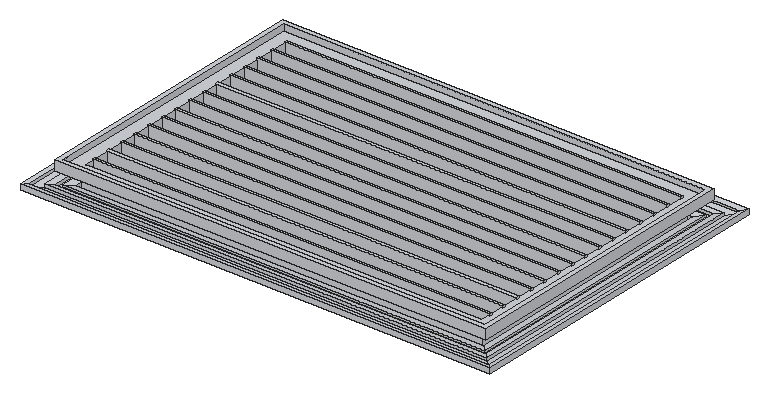
Revit family "GEA", category Air Terminals, Revit 2012
Parameters (values of type "GEA-07-11")
  URL = "http://www.innes.com.mx"
  Separacion barras = 61/64"
  Separacion = 5/16"
  No. de elementos barras = Ancho B / (Separacion barras + Ancho barra)  # 11
  No. de elementos = Largo B / (Separacion + Ancho rejillla)  # 15
  Mínima velocidad de cuello = 0 FPM
  Mínima presión estática = 0.00 in-wg
  Máximo nivel de ruido (NC) = ""
  Máxima velocidad de cuello = 0 FPM
  Máxima presión estática = 0.00 in-wg
  Material = ""
  Manufacturer = "INNES"
  Largo barra = 15/64"
  Largo B = 6 7/8"
  Largo A = Largo B + 2"  # 8 7/8"
  Cuello = ""
  Ancho rejillla = 5/32"
  Ancho barras = Ancho B - 25/32"  # 10 3/32"
  Ancho barra = 1/16"
  Ancho B = 10 7/8"
  Ancho A = Ancho B + 1 19/64"  # 12 11/64"
  Alto rejilla = 3/4"
Types (4): name | No. de elementos barras | No. de elementos | Largo B | Largo A | Ancho barras | Ancho B | Ancho A
  GEA-07-11 | 11 | 15 | 6 7/8" | 8 7/8" | 10 3/32" | 10 7/8" | 12 11/64"
  GEA-08-12 | 12 | 17 | 7 7/8" | 9 7/8" | 11 3/32" | 11 7/8" | 13 11/64"
  GEA-09-13 | 13 | 19 | 8 7/8" | 10 7/8" | 12 3/32" | 12 7/8" | 14 11/64"
  GEA-10-14 | 14 | 21 | 9 7/8" | 11 7/8" | 13 3/32" | 13 7/8" | 15 11/64"
Reference planes (in)
  plane 1 "Center (Front/Back)": y = 0
  plane 2: z = 0
  plane 3 "Center (Left/Right)": x = 0
  plane 4: x = -6.08594
  plane 5: x = 6.08594
  plane 6: x = -5.4375
  plane 7: x = 5.4375
  plane 8: y = 4.4375
  plane 9: y = -4.4375
  plane 10: y = 3.4375
  plane 11: y = -3.4375
  plane 12 "Altura": z = 0.875
  plane 13: z = 0.1875
  plane 14: z = 0.3125
  plane 15: x = -5.04687
  plane 16: x = 5.04688
Forms (in)
  Sweep 1, solid
    path origin (0, 0, 0) x (1, 0, 0) y (0, 1, 0)
      loop
        line (-5.4375, 3.4375) -> (-5.4375, -3.4375) -> (5.4375, -3.4375) -> (5.4375, 3.4375) -> (-5.4375, 3.4375)
    profile origin (0, 3.4375, 0) x (0, 1, 0) y (0, 0, 1)
      loop
        line (0, 0) -> (1, 0.1875) -> (1, 0.33507) -> (0.86904, 0.31051) -> (0.86904, 0.25666) -> (0.62333, 0.21059) -> (0.62333, 0.2897) -> (0.47915, 0.26266) -> (0.47915, 0.1875) -> (0.52527, 0.19615) -> (0.52527, 0.23633) -> (0.5731, 0.23633) -> (0.5731, 0.1875) -> (0.2701, 0.13069) -> (0.2701, 0.17662) -> (0.3519, 0.19196) -> (0.3519, 0.24467) -> (0.15902, 0.2085) -> (0.15902, 0.10986) -> (0.06011, 0.09131) -> (0.06011, 0.60355) -> (0.47915, 0.60355) -> (0.47915, 0.875) -> (0.3519, 0.875) -> (0.3519, 0.71278) -> (0, 0.71278) -> (0, 0)
Dimensions and locks (in)
  equal spacing: plane 4, plane 3 "Center (Left/Right)", plane 5
  "Ancho A": plane 4 to plane 5
  equal spacing: plane 6, plane 3 "Center (Left/Right)", plane 7
  "Ancho B": plane 6 to plane 7
  equal spacing: plane 8, plane 1 "Center (Front/Back)", plane 9
  "Largo A": plane 8 to plane 9
  equal spacing: plane 10, plane 1 "Center (Front/Back)", plane 11
  "Largo B": plane 10 to plane 11
  locked: plane 12 "Altura" to level at 0.875
  locked: plane 13 to level at 0.1875
  plane 14 to level = 5/16"
  equal spacing: group 1, group 2, group 3, group 4, group 5, group 6, group 7, group 8, group 9, group 10, group 20, group 21, group 22, group 23, group 24  (x2)
  equal spacing: group 24, group 23, group 22, group 21, group 20, group 10, group 9, group 8, group 7, group 6, group 5, group 4, group 3, group 2, group 1
  "Separacion": nested 1 to nested 2
  equal spacing: plane 15, plane 3 "Center (Left/Right)", plane 16
  "Ancho barras": plane 15 to plane 16
  equal spacing: group 11, group 12, group 13, group 14, group 15, group 16, group 17, group 18, group 19, group 25, group 26  (x3)
  "Separacion barras": nested 12 to nested 11
  aligned and locked: plane 2 to level
  aligned and locked: Sweep 1 sketch curve to plane 10
  aligned and locked: plane 6 to Sweep 1 sketch curve
  aligned and locked: plane 11 to Sweep 1 sketch curve
  aligned and locked: Sweep 1 sketch curve to plane 7
  aligned and locked: Sweep 1 sketch curve to profile plane
  aligned and locked: plane 6 to Sweep 1
  aligned and locked: Sweep 1 to plane 7
  aligned and locked: plane 8 to Sweep 1
  aligned and locked: Sweep 1 to plane 10
  aligned and locked: Sweep 1 to plane 9
  aligned and locked: plane 11 to Sweep 1
  aligned and locked: plane 12 "Altura" to Sweep 1  (x2)
  aligned and locked: nested 1 to level
  aligned and locked: plane 10 to nested 1
  aligned and locked: nested 2 to level
  aligned and locked: nested 11 to level
  aligned and locked: nested 12 to level
  aligned and locked: nested 11 to plane 15
  aligned and locked: nested 12 to plane 11
  aligned and locked: plane 10 to nested 12
  aligned and locked: plane 10 to nested 11  (x2)
  aligned and locked: plane 15 to nested 11
  aligned and locked: nested 11 to plane 11
Automatic sketch dimensions
  Sweep 1 sketch curve to level = 0"
  Sweep 1 sketch curve to profile plane = 0.06011"
  Sweep 1 sketch curve to Sweep 1 sketch curve = 0.09891"
  Sweep 1 sketch curve to Sweep 1 sketch curve = 0.11108"
  Sweep 1 sketch curve to Sweep 1 sketch curve = 0.0818"
  Sweep 1 sketch curve to Sweep 1 sketch curve = 0.29179"
  Sweep 1 sketch curve to Sweep 1 sketch curve = 0.12725"  (x2)
  level to Sweep 1 sketch curve = 0.19615"
  Sweep 1 sketch curve to Sweep 1 sketch curve = 0.04612"
  Sweep 1 sketch curve to Sweep 1 sketch curve = 0.04784"
  Sweep 1 sketch curve to Sweep 1 sketch curve = 0.05022"
  Sweep 1 sketch curve to Sweep 1 sketch curve = 0.24572"
  Sweep 1 sketch curve to Sweep 1 sketch curve = 0.13096"
  level to Sweep 1 sketch curve = 0.09131"
  Sweep 1 sketch curve to Sweep 1 sketch curve = 0.01854"
  Sweep 1 sketch curve to Sweep 1 sketch curve = 0.02083"
  Sweep 1 sketch curve to Sweep 1 sketch curve = 0.04593"
  Sweep 1 sketch curve to Sweep 1 sketch curve = 0.00865"  (x2)
  level to Sweep 1 sketch curve = 3/16"
  Sweep 1 sketch curve to Sweep 1 sketch curve = 0.01534"
  Sweep 1 sketch curve to Sweep 1 sketch curve = 0.09864"
  Sweep 1 sketch curve to Sweep 1 sketch curve = 0.02309"
  Sweep 1 sketch curve to Sweep 1 sketch curve = 0.04018"
  Sweep 1 sketch curve to Sweep 1 sketch curve = 0.05271"
  Sweep 1 sketch curve to Sweep 1 sketch curve = 0.06916"
  Sweep 1 sketch curve to Sweep 1 sketch curve = 0.02633"
  Sweep 1 sketch curve to Sweep 1 sketch curve = 0.05337"
  Sweep 1 sketch curve to Sweep 1 sketch curve = 0.05385"
  Sweep 1 sketch curve to Sweep 1 sketch curve = 0.02455"
  Sweep 1 sketch curve to Sweep 1 sketch curve = 0.31386"
  Sweep 1 sketch curve to Sweep 1 sketch curve = 0.10922"
  Sweep 1 sketch curve to Sweep 1 sketch curve = 0.16222"
Nested families (in)
  nested 1: "Rejilla GAA" at (0, 3.4375, 0.375) x (-1, 0, 0) z (0, -1, 0), type "Rejilla GAA"
  nested 2: "Rejilla GAA" at (0, 2.96875, 0.375) x (-1, 0, 0) z (0, -1, 0), type "Rejilla GAA"
  nested 3: "Rejilla GAA" at (0, 2.5, 0.375) x (-1, 0, 0) z (0, -1, 0), type "Rejilla GAA"
  nested 4: "Rejilla GAA" at (0, 2.03125, 0.375) x (-1, 0, 0) z (0, -1, 0), type "Rejilla GAA"
  nested 5: "Rejilla GAA" at (0, 1.5625, 0.375) x (-1, 0, 0) z (0, -1, 0), type "Rejilla GAA"
  nested 6: "Rejilla GAA" at (0, 1.09375, 0.375) x (-1, 0, 0) z (0, -1, 0), type "Rejilla GAA"
  nested 7: "Rejilla GAA" at (0, 0.625, 0.375) x (-1, 0, 0) z (0, -1, 0), type "Rejilla GAA"
  nested 8: "Rejilla GAA" at (0, 0.15625, 0.375) x (-1, 0, 0) z (0, -1, 0), type "Rejilla GAA"
  nested 9: "Rejilla GAA" at (0, -0.3125, 0.375) x (-1, 0, 0) z (0, -1, 0), type "Rejilla GAA"
  nested 10: "Rejilla GAA" at (0, -0.78125, 0.375) x (-1, 0, 0) z (0, -1, 0), type "Rejilla GAA"
  nested 11: "Barra GAA" at (-5.01563, 0, 0), type "Barra GAA"
  nested 12: "Barra GAA" at (-4, 0, 0), type "Barra GAA"
  nested 13: "Barra GAA" at (-2.98438, 0, 0), type "Barra GAA"
  nested 14: "Barra GAA" at (-1.96875, 0, 0), type "Barra GAA"
  nested 15: "Barra GAA" at (-0.95313, 0, 0), type "Barra GAA"
  nested 16: "Barra GAA" at (0.0625, 0, 0), type "Barra GAA"
  nested 17: "Barra GAA" at (1.07812, 0, 0), type "Barra GAA"
  nested 18: "Barra GAA" at (2.09375, 0, 0), type "Barra GAA"
  nested 19: "Barra GAA" at (3.10937, 0, 0), type "Barra GAA"
  nested 20: "Rejilla GAA" at (0, -1.25, 0.375) x (-1, 0, 0) z (0, -1, 0), type "Rejilla GAA"
  nested 21: "Rejilla GAA" at (0, -1.71875, 0.375) x (-1, 0, 0) z (0, -1, 0), type "Rejilla GAA"
  nested 22: "Rejilla GAA" at (0, -2.1875, 0.375) x (-1, 0, 0) z (0, -1, 0), type "Rejilla GAA"
  nested 23: "Rejilla GAA" at (0, -2.65625, 0.375) x (-1, 0, 0) z (0, -1, 0), type "Rejilla GAA"
  nested 24: "Rejilla GAA" at (0, -3.125, 0.375) x (-1, 0, 0) z (0, -1, 0), type "Rejilla GAA"
  nested 25: "Barra GAA" at (4.125, 0, 0), type "Barra GAA"
  nested 26: "Barra GAA" at (5.14062, 0, 0), type "Barra GAA"
Connectors (in)
  hvac at (0, 0, 0.60355), driven by "Ancho B"
    settings: on Sweep 1, index 1, duct flow 0 CFM, flow factor 0, pres drop 0.00 in-wg, loss coef 0, conn angle 0.00°, conn width 12", conn height 10 7/8", conn radius 12", duct sys type 1, conn prof type 1, flow config 0, flow direction 0, loss method 0, conn ref index -1, conn util no, is conn primary yes, conn desc ""
Definition of nested family "Rejilla GAA"
  Parameters (values of type "Rejilla GAA")
    Ancho rejilla = 5/32"
    Ancho B = 10 7/8"
    Alto rejilla = 3/4"
  Reference planes (in)
    plane 1 "Center (Front/Back)": y = 0
    plane 2: z = 0
    plane 3 "Center (Left/Right)": x = 0
    plane 4: y = 0.375
    plane 5: y = -0.375
    plane 6: x = -5.4375
    plane 7: x = 5.4375
    plane 8: z = 0.15625
  Forms (in)
    Sweep 1, solid
      path origin (0, 0, 0) x (1, 0, 0) y (0, 1, 0)
        loop
          line (-5.4375, 0) -> (5.4375, 0)
      profile origin (0, 0, 0) x (0, 1, 0) y (0, 0, 1)
        loop
          line (0.375, 0.09292) -> (0.375, 0.15625) -> (0.22101, 0.15625)
          arc (0.22101, 0.15625) -> (0.15312, 0.12813) -> (0.125, 0.06024) r 0.09601
          line (0.125, 0.06024) -> (-0.375, 0.06024) -> (-0.375, 0) -> (0.18586, 0)
          arc (0.18586, 0) -> (0.18679, 0.04959) -> (0.21092, 0.09292) r 0.1024
          line (0.21092, 0.09292) -> (0.375, 0.09292)
  Dimensions and locks (in)
    equal spacing: plane 4, plane 1 "Center (Front/Back)", plane 5
    "Alto rejilla": plane 4 to plane 5
    equal spacing: plane 6, plane 3 "Center (Left/Right)", plane 7
    "Ancho B": plane 6 to plane 7
    "Ancho rejilla": plane 8 to level
    "Ancho B": Sweep 1 sketch curve to Sweep 1 sketch curve
    aligned and locked: plane 2 to level
    aligned and locked: Sweep 1 sketch curve to plane 4
    aligned and locked: Sweep 1 sketch curve to plane 8
    aligned and locked: Sweep 1 sketch curve to plane 5
    aligned and locked: Sweep 1 sketch curve to level
  Automatic sketch dimensions
    plane 1 "Center (Front/Back)" to Sweep 1 sketch curve = 0"
    Sweep 1 sketch curve to plane 7 = 0"
    level to Sweep 1 sketch curve = 0.02292"
    Sweep 1 sketch curve to Sweep 1 sketch curve = 0.08935"
    Sweep 1 sketch curve to Sweep 1 sketch curve = 0.06464"
    Sweep 1 sketch curve to Sweep 1 sketch curve = 0.01009"
    Sweep 1 sketch curve to Sweep 1 sketch curve = 9/256"
    level to Sweep 1 sketch curve = 0.06024"
Definition of nested family "Barra GAA"
  Parameters (values of type "Barra GAA")
    Largo barra = 15/64"
    Largo B = 6 7/8"
    Ancho barra = 1/16"
  Reference planes (in)
    plane 1 "Center (Front/Back)": y = 0
    plane 2: z = 0
    plane 3 "Center (Left/Right)": x = 0
    plane 4: x = -0.03125
    plane 5: x = 0.03125
    plane 6: y = 3.4375
    plane 7: y = -3.4375
    plane 8: z = 0.23438
  Forms (in)
    Extrusion 1, solid
      sketch origin (0, 0, 0) x (1, 0, 0) y (0, 1, 0)
        loop
          line (-0.03125, 3.4375) -> (-0.03125, -3.4375) -> (0.03125, -3.4375) -> (0.03125, 3.4375) -> (-0.03125, 3.4375)
      from 0 to 0.23437
  Dimensions and locks (in)
    equal spacing: plane 6, plane 1 "Center (Front/Back)", plane 7
    "Largo B": plane 6 to plane 7
    equal spacing: plane 4, plane 3 "Center (Left/Right)", plane 5, locked at 0.03125 each
    "Ancho barra": plane 4 to plane 5
    "Largo barra": plane 8 to level
    aligned and locked: plane 2 to level
    aligned and locked: Extrusion 1 sketch curve to plane 6
    aligned and locked: plane 4 to Extrusion 1 sketch curve
    aligned and locked: plane 7 to Extrusion 1 sketch curve
  Automatic sketch dimensions
    Extrusion 1 sketch curve to plane 5 = 0"
